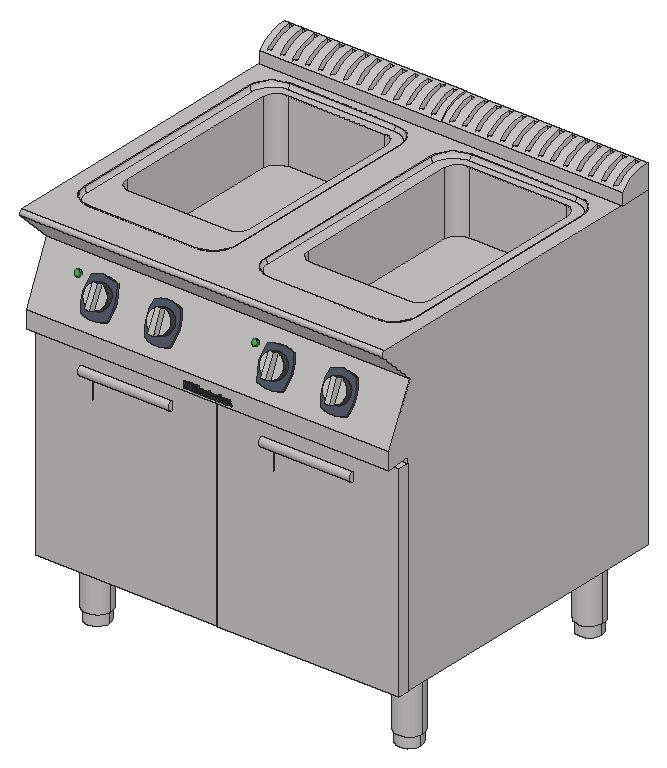
Revit family "QF_ELECTROLUXPROFESSIONAL_371091_E7PCGH2KF0", category Specialty Equipment, Revit 2018
Family settings
  Round Connector Dimension = Use Diameter
  Part Type = Normal
  Work Plane-Based = No
  Always vertical = Yes
  Cut with Voids When Loaded = No
  Shared = No
  Room Calculation Point = No
Parameters
  Width = 800 mm  # constant formula
  Weight in Pounds = 110  # constant formula
  Watts = 0 W
  Waste Water Discharge Temperature [instance] = -459.67 °F
  URL Cutsheet = "www.electrolux.com/foodservice"
  URL = "www.electrolux.com/foodservice"
  Type Mark [instance] = ""
  Status [instance] = ""
  Specification by User [instance] = ""
  Specification by Manufacturer = ""
  Show Logo [instance] = yes
  Show Clearance [instance] = yes
  Serial Number = ""
  Seismic Rating = ""
  SMACNA No = ""
  Revision Code [instance] = ""
  Plumbing Remarks [instance] = ""
  Plumbing Connection Type [instance] = ""
  Omniclass Number and Title = ""
  NAFEM Spec ID Number = ""
  Model = "371091"
  Mechanical Remarks [instance] = ""
  Mechanical Connection Type [instance] = ""
  Masterspec = ""
  Manufacturer = "ELECTROLUX"
  Item Number [instance] = ""
  Installed By [instance] = ""
  Indirect Waste Size = 25.4 mm  # 1"
  Indirect Waste Flow [instance] = 0 GPM
  Indirect Waste Connection Type [instance] = ""
  Indirect Waste Connection Height = 0 mm
  Identify Quantity as Lot [instance] = yes
  Height = 333 mm  # constant formula
  HP = "0 HP"
  Gas Size = 12.7 mm  # 1/2"
  Gas RI Height [instance] = 0 mm
  Gas KW [instance] = 21  # constant formula
  Gas Input [instance] = 20980.7 VA  # 71589.0 Btu/h
  Gas Connection Height = 0 mm
  Furnished By [instance] = ""
  Foodservice Equipment Identifier [instance] = yes
  Direct Waste Size = 1"
  Description = "700XP Freestanding Gas Pasta Cooker, 24.5 Lt. Well, 2 Wells"
  Depth = 730 mm  # constant formula
  Cold Water Temperature Recommended [instance] = -459.67 °F
  Cold Water Size = 12.7 mm  # 1/2"
  Cold Water RI Height [instance] = 0 mm
  Cold Water Minimum Pressure [instance] = 0.00 psi
  Cold Water Maximum Pressure [instance] = 0.00 psi
  Cold Water Flow [instance] = 0 GPM
  Cold Water Consumption [instance] = ""
  Cold Water Connection Height = 0 mm
  CSI MasterFormat = ""
  CSI Master Format = ""
  Base Height [instance] = 150 mm  # constant formula
Reference planes
  plane 1 "BACK": y = 0
  plane 2: z = 0
  plane 3 "LEFT": x = 0
  plane 4 "RIGHT": x = 800
  plane 5 "FRONT": y = -730
  plane 6 "TOP": z = 905.238
  plane 7 "Center Y": x = 400
  plane 8 "Center X": y = -365
  plane 9 "BASE": z = 601
  plane 10 "TOP A": z = 850.238
  plane 11: y = -597.884
  plane 12: y = -147.637
  plane 13: z = 942.313
  plane 14: z = 150
Forms (mm)
  Extrusion 1, solid, material "QF_Finishes_Stainless Steel"
    sketch origin (0, 0, 0) x (0, 1, 0) y (0, 0, 1)
      loop
        line (0, 850.237) -> (-725.027, 850.237)
        arc (-725.027, 850.237) -> (-730.893, 846.318) -> (-729.517, 839.397) r 6.35
        line (-729.517, 839.397) -> (-657.416, 767.047) -> (-713.522, 646.19) -> (-713.522, 608.09) -> (-660.4, 613.7) -> (-660.4, 150) -> (0, 150) -> (0, 850.237)
      loop
        line (-661.987, 601) -> (-687.387, 601) -> (-687.387, 150) -> (-661.987, 150) -> (-661.987, 601)
    from 0 to 800
  Extrusion 2, solid, material "QF_Finishes_Stainless Steel"
    sketch origin (0, 0, 0) x (0, 1, 0) y (0, 0, 1)
      loop
        line (0, 850.237) -> (0, 905.237)
        arc (0, 905.237) -> (-38.078, 897.879) -> (-69.85, 875.637) r 93.057
        line (-69.85, 875.637) -> (-69.85, 850.237) -> (0, 850.237)
    from 0 to 800
  Extrusion 3, void
    sketch origin (0, 0, 850.238) x (-1, 0, 0) y (0, -1, 0)
      loop
        arc (-316.662, 645.265) -> (-352.018, 630.62) -> (-366.662, 595.265) r 50
        line (-366.662, 595.265) -> (-366.662, 140.124)
        arc (-366.662, 140.124) -> (-352.018, 104.769) -> (-316.662, 90.124) r 50
        line (-316.662, 90.124) -> (-83.338, 90.124)
        arc (-83.338, 90.124) -> (-47.982, 104.769) -> (-33.338, 140.124) r 50
        line (-33.338, 140.124) -> (-33.338, 595.265)
        arc (-33.338, 595.265) -> (-47.982, 630.62) -> (-83.338, 645.265) r 50
        line (-83.338, 645.265) -> (-316.662, 645.265)
      loop
        line (-483.337, 645.265) -> (-716.662, 645.265)
        arc (-716.662, 645.265) -> (-752.018, 630.62) -> (-766.662, 595.265) r 50
        line (-766.662, 595.265) -> (-766.662, 140.124)
        arc (-766.662, 140.124) -> (-752.018, 104.769) -> (-716.662, 90.124) r 50
        line (-716.662, 90.124) -> (-483.337, 90.124)
        arc (-483.337, 90.124) -> (-447.982, 104.769) -> (-433.337, 140.124) r 50
        line (-433.337, 140.124) -> (-433.337, 595.265)
        arc (-433.337, 595.265) -> (-447.982, 630.62) -> (-483.337, 645.265) r 50
    from 0 to -152.4
  Extrusion 4, void
    sketch origin (0, 0, 850.238) x (-1, 0, 0) y (0, -1, 0)
      loop
        line (-13.453, 6.761) -> (-13.453, 63.911) -> (-22.749, 63.911) -> (-22.749, 6.761) -> (-13.453, 6.761)
    from 25.4 to 63.5
  Extrusion 5, solid, material "QF_Finishes_Navy Blue"
    sketch origin (75, -713.522, 646.19) x (0, 0.421077, 0.907025) y (-1, 0, 0)
      loop
        arc (101.077, -565.788) -> (66.2, -558.771) -> (31.333, -565.832) r 89.894
        arc (31.333, -565.832) -> (24.638, -594.363) -> (31.333, -622.893) r 64.14
        arc (31.333, -622.893) -> (66.2, -629.955) -> (101.077, -622.938) r 89.894
        arc (101.077, -622.938) -> (107.792, -594.363) -> (101.077, -565.788) r 64.16
      loop
        arc (101.077, -176.921) -> (66.2, -169.907) -> (31.333, -176.965) r 89.935
        arc (31.333, -176.965) -> (24.618, -205.54) -> (31.333, -234.115) r 64.16
        arc (31.333, -234.115) -> (66.2, -241.17) -> (101.077, -234.16) r 89.976
        arc (101.077, -234.16) -> (107.812, -205.54) -> (101.077, -176.921) r 64.179
      loop
        arc (101.077, -425.788) -> (66.2, -418.771) -> (31.333, -425.832) r 89.894
        arc (31.333, -425.832) -> (24.638, -454.363) -> (31.333, -482.893) r 64.14
        arc (31.333, -482.893) -> (66.2, -489.955) -> (101.077, -482.938) r 89.894
        arc (101.077, -482.938) -> (107.792, -454.363) -> (101.077, -425.788) r 64.16
      loop
        arc (101.077, -36.921) -> (66.2, -29.904) -> (31.333, -36.965) r 89.894
        arc (31.333, -36.965) -> (24.638, -65.496) -> (31.333, -94.027) r 64.14
        arc (31.333, -94.027) -> (66.2, -101.092) -> (101.077, -94.071) r 89.853
        arc (101.077, -94.071) -> (107.792, -65.496) -> (101.077, -36.921) r 64.16
    from 0 to 3.175
  Extrusion 6, solid, material "QF_Finishes_Stainless Steel"
    sketch origin (75, -716.402, 647.527) x (0, 0.421077, 0.907025) y (-1, 0, 0)
      loop
        circle (68.826, -594.351) r 25.4
      loop
        circle (68.826, -205.413) r 25.4
      loop
        circle (68.826, -454.351) r 25.4
      loop
        circle (68.826, -65.528) r 25.4
    from 0 to 12.7
  Extrusion 7, solid, material "QF_Finishes_Stainless Steel"
    sketch origin (75, -727.921, 652.875) x (0, 0.421077, 0.907025) y (-1, 0, 0)
      loop
        arc (93.558, -600.137) -> (94.226, -594.351) -> (93.558, -588.564) r 25.4
        line (93.558, -588.564) -> (44.094, -588.564)
        arc (44.094, -588.564) -> (43.426, -594.351) -> (44.094, -600.137) r 25.4
        line (44.094, -600.137) -> (93.558, -600.137)
      loop
        arc (93.558, -211.199) -> (94.226, -205.413) -> (93.558, -199.627) r 25.4
        line (93.558, -199.627) -> (44.094, -199.627)
        arc (44.094, -199.627) -> (43.426, -205.413) -> (44.094, -211.199) r 25.4
        line (44.094, -211.199) -> (93.558, -211.199)
      loop
        arc (93.558, -460.137) -> (94.226, -454.351) -> (93.558, -448.564) r 25.4
        line (93.558, -448.564) -> (44.094, -448.564)
        arc (44.094, -448.564) -> (43.426, -454.351) -> (44.094, -460.137) r 25.4
        line (44.094, -460.137) -> (93.558, -460.137)
      loop
        arc (93.558, -71.314) -> (94.226, -65.528) -> (93.558, -59.742) r 25.4
        line (93.558, -59.742) -> (44.094, -59.742)
        arc (44.094, -59.742) -> (43.426, -65.528) -> (44.094, -71.314) r 25.4
        line (44.094, -71.314) -> (93.558, -71.314)
    from 0 to 12.7
  Extrusion 8, solid, material "QF_Finishes_Green"
    sketch origin (-55, -713.522, 646.19) x (0, 0.421077, 0.907025) y (-1, 0, 0)
      loop
        circle (93.566, -530.485) r 6.35
      loop
        circle (93.566, -138.473) r 6.35
    from 0 to 3.175
  Extrusion 9, solid, material "QF_Finishes_Clearance", visible <- "Show Clearance", detail levels coarse
    sketch origin (0, 0, 0) x (1, 0, 0) y (0, 1, 0)
      loop
        line (0, -731.377) -> (0, 0) -> (800, 0) -> (800, -731.377) -> (950.019, -731.377) -> (950.019, 150.019) -> (-150.019, 150.019) -> (-150.019, -731.377) -> (0, -731.377)
    from 0 to 905.237
  Extrusion 10, void
    sketch origin (361.95, 0, 850.237) x (-1, 0, 0) y (0, -1, 0)
      loop
        line (-13.403, 6.761) -> (-13.403, 63.911) -> (-22.699, 63.911) -> (-22.699, 6.761) -> (-13.403, 6.761)
    from 25.4 to 63.5
  Extrusion 11, void
    sketch origin (27.842, 0, 850.238) x (-1, 0, 0) y (0, -1, 0)
      loop
        line (-13.453, 6.761) -> (-13.453, 63.911) -> (-22.749, 63.911) -> (-22.749, 6.761) -> (-13.453, 6.761)
    from 25.4 to 63.5
  Extrusion 12, void
    sketch origin (55.685, 0, 850.238) x (-1, 0, 0) y (0, -1, 0)
      loop
        line (-13.453, 6.761) -> (-13.453, 63.911) -> (-22.749, 63.911) -> (-22.749, 6.761) -> (-13.453, 6.761)
    from 25.4 to 63.5
  Extrusion 13, void
    sketch origin (83.527, 0, 850.238) x (-1, 0, 0) y (0, -1, 0)
      loop
        line (-13.453, 6.761) -> (-13.453, 63.911) -> (-22.749, 63.911) -> (-22.749, 6.761) -> (-13.453, 6.761)
    from 25.4 to 63.5
  Extrusion 14, void
    sketch origin (111.369, 0, 850.237) x (-1, 0, 0) y (0, -1, 0)
      loop
        line (-13.453, 6.761) -> (-13.453, 63.911) -> (-22.749, 63.911) -> (-22.749, 6.761) -> (-13.453, 6.761)
    from 25.4 to 63.5
  Extrusion 15, void
    sketch origin (139.212, 0, 850.237) x (-1, 0, 0) y (0, -1, 0)
      loop
        line (-13.453, 6.761) -> (-13.453, 63.911) -> (-22.749, 63.911) -> (-22.749, 6.761) -> (-13.453, 6.761)
    from 25.4 to 63.5
  Extrusion 16, void
    sketch origin (167.054, 0, 850.237) x (-1, 0, 0) y (0, -1, 0)
      loop
        line (-13.453, 6.761) -> (-13.453, 63.911) -> (-22.749, 63.911) -> (-22.749, 6.761) -> (-13.453, 6.761)
    from 25.4 to 63.5
  Extrusion 17, void
    sketch origin (194.896, 0, 850.237) x (-1, 0, 0) y (0, -1, 0)
      loop
        line (-13.403, 6.761) -> (-13.403, 63.911) -> (-22.699, 63.911) -> (-22.699, 6.761) -> (-13.403, 6.761)
    from 25.4 to 63.5
  Extrusion 18, void
    sketch origin (222.738, 0, 850.237) x (-1, 0, 0) y (0, -1, 0)
      loop
        line (-13.403, 6.761) -> (-13.403, 63.911) -> (-22.699, 63.911) -> (-22.699, 6.761) -> (-13.403, 6.761)
    from 25.4 to 63.5
  Extrusion 19, void
    sketch origin (250.581, 0, 850.237) x (-1, 0, 0) y (0, -1, 0)
      loop
        line (-13.403, 6.761) -> (-13.403, 63.911) -> (-22.699, 63.911) -> (-22.699, 6.761) -> (-13.403, 6.761)
    from 25.4 to 63.5
  Extrusion 20, void
    sketch origin (278.423, 0, 850.237) x (-1, 0, 0) y (0, -1, 0)
      loop
        line (-13.403, 6.761) -> (-13.403, 63.911) -> (-22.699, 63.911) -> (-22.699, 6.761) -> (-13.403, 6.761)
    from 25.4 to 63.5
  Extrusion 21, void
    sketch origin (306.265, 0, 850.237) x (-1, 0, 0) y (0, -1, 0)
      loop
        line (-13.403, 6.761) -> (-13.403, 63.911) -> (-22.699, 63.911) -> (-22.699, 6.761) -> (-13.403, 6.761)
    from 25.4 to 63.5
  Extrusion 22, void
    sketch origin (334.108, 0, 850.237) x (-1, 0, 0) y (0, -1, 0)
      loop
        line (-13.403, 6.761) -> (-13.403, 63.911) -> (-22.699, 63.911) -> (-22.699, 6.761) -> (-13.403, 6.761)
    from 25.4 to 63.5
  Extrusion 23, void
    sketch origin (800.1, 0, 850.237) x (1, 0, 0) y (0, 1, 0)
      loop
        line (-13.553, -6.761) -> (-22.849, -6.761) -> (-22.849, -63.911) -> (-13.553, -63.911) -> (-13.553, -6.761)
    from 25.4 to 63.5
  Extrusion 24, void
    sketch origin (438.15, 0, 850.237) x (1, 0, 0) y (0, 1, 0)
      loop
        line (-13.503, -6.761) -> (-22.799, -6.761) -> (-22.799, -63.911) -> (-13.503, -63.911) -> (-13.503, -6.761)
    from 25.4 to 63.5
  Extrusion 25, void
    sketch origin (772.258, 0, 850.237) x (1, 0, 0) y (0, 1, 0)
      loop
        line (-13.553, -6.761) -> (-22.849, -6.761) -> (-22.849, -63.911) -> (-13.553, -63.911) -> (-13.553, -6.761)
    from 25.4 to 63.5
  Extrusion 26, void
    sketch origin (744.415, 0, 850.237) x (1, 0, 0) y (0, 1, 0)
      loop
        line (-13.553, -6.761) -> (-22.849, -6.761) -> (-22.849, -63.911) -> (-13.553, -63.911) -> (-13.553, -6.761)
    from 25.4 to 63.5
  Extrusion 27, void
    sketch origin (716.573, 0, 850.237) x (1, 0, 0) y (0, 1, 0)
      loop
        line (-13.553, -6.761) -> (-22.849, -6.761) -> (-22.849, -63.911) -> (-13.553, -63.911) -> (-13.553, -6.761)
    from 25.4 to 63.5
  Extrusion 28, void
    sketch origin (688.731, 0, 850.237) x (1, 0, 0) y (0, 1, 0)
      loop
        line (-13.553, -6.761) -> (-22.849, -6.761) -> (-22.849, -63.911) -> (-13.553, -63.911) -> (-13.553, -6.761)
    from 25.4 to 63.5
  Extrusion 29, void
    sketch origin (660.888, 0, 850.237) x (1, 0, 0) y (0, 1, 0)
      loop
        line (-13.553, -6.761) -> (-22.849, -6.761) -> (-22.849, -63.911) -> (-13.553, -63.911) -> (-13.553, -6.761)
    from 25.4 to 63.5
  Extrusion 30, void
    sketch origin (633.046, 0, 850.237) x (1, 0, 0) y (0, 1, 0)
      loop
        line (-13.553, -6.761) -> (-22.849, -6.761) -> (-22.849, -63.911) -> (-13.553, -63.911) -> (-13.553, -6.761)
    from 25.4 to 63.5
  Extrusion 31, void
    sketch origin (605.204, 0, 850.237) x (1, 0, 0) y (0, 1, 0)
      loop
        line (-13.503, -6.761) -> (-22.799, -6.761) -> (-22.799, -63.911) -> (-13.503, -63.911) -> (-13.503, -6.761)
    from 25.4 to 63.5
  Extrusion 32, void
    sketch origin (577.362, 0, 850.237) x (1, 0, 0) y (0, 1, 0)
      loop
        line (-13.503, -6.761) -> (-22.799, -6.761) -> (-22.799, -63.911) -> (-13.503, -63.911) -> (-13.503, -6.761)
    from 25.4 to 63.5
  Extrusion 33, void
    sketch origin (549.519, 0, 850.237) x (1, 0, 0) y (0, 1, 0)
      loop
        line (-13.503, -6.761) -> (-22.799, -6.761) -> (-22.799, -63.911) -> (-13.503, -63.911) -> (-13.503, -6.761)
    from 25.4 to 63.5
  Extrusion 34, void
    sketch origin (521.677, 0, 850.237) x (1, 0, 0) y (0, 1, 0)
      loop
        line (-13.503, -6.761) -> (-22.799, -6.761) -> (-22.799, -63.911) -> (-13.503, -63.911) -> (-13.503, -6.761)
    from 25.4 to 63.5
  Extrusion 35, void
    sketch origin (493.835, 0, 850.237) x (1, 0, 0) y (0, 1, 0)
      loop
        line (-13.503, -6.761) -> (-22.799, -6.761) -> (-22.799, -63.911) -> (-13.503, -63.911) -> (-13.503, -6.761)
    from 25.4 to 63.5
  Extrusion 36, void
    sketch origin (465.992, 0, 850.237) x (1, 0, 0) y (0, 1, 0)
      loop
        line (-13.503, -6.761) -> (-22.799, -6.761) -> (-22.799, -63.911) -> (-13.503, -63.911) -> (-13.503, -6.761)
    from 25.4 to 63.5
  Extrusion 37, void
    sketch origin (418.151, 0, 850.237) x (1, 0, 0) y (0, 1, 0)
      loop
        line (-16.563, 0) -> (-19.738, 0) -> (-19.738, -69.85) -> (-16.563, -69.85) -> (-16.563, 0)
    from 25.4 to 63.5
  Extrusion 38, void
    sketch origin (0, -660.4, 601) x (0, 0, 1) y (-1, 0, 0)
      loop
        line (0, -398.363) -> (-451, -398.363) -> (-451, -401.538) -> (0, -401.538) -> (0, -398.363)
    from 0 to 27
  Extrusion 39, void
    sketch origin (200.025, 0, 0) x (0, 1, 0) y (0, 0, 1)
      loop
        line (-687.137, 541) -> (-687.137, 499.788) -> (-672.137, 541) -> (-687.137, 541)
    from -75 to 75
  Extrusion 40, solid, material "QF_Finishes_Stainless Steel"
    sketch origin (200.025, 0, 0) x (0, 1, 0) y (0, 0, 1)
      loop
        line (-687.137, 541) -> (-687.137, 561)
        arc (-687.137, 561) -> (-697.137, 551) -> (-687.137, 541) r 10
    from -100 to 100
  Extrusion 41, void
    sketch origin (600.075, 0, 0) x (0, 1, 0) y (0, 0, -1)
      loop
        line (-687.137, -541) -> (-672.137, -541) -> (-687.137, -499.788) -> (-687.137, -541)
    from -75 to 75
  Extrusion 42, solid, material "QF_Finishes_Stainless Steel"
    sketch origin (600.075, 0, 0) x (0, 1, 0) y (0, 0, -1)
      loop
        arc (-687.137, -541) -> (-697.137, -551) -> (-687.137, -561) r 10
        line (-687.137, -561) -> (-687.137, -541)
    from -100 to 100
  Revolve 43, solid, material "QF_Finishes_Stainless Steel"
    sketch origin (0, -587.387, 608.09) x (0, 0, 1) y (-1, 0, 0)
      loop
        line (-608.09, -56) -> (-458.09, -56) -> (-458.09, -26) -> (-583.09, -26) -> (-583.09, -29.75) -> (-608.09, -29.75) -> (-608.09, -56)
      axis (-608.09, -56) -> (-458.09, -56)
    angle from 0 to 360
  Revolve 44, solid, material "QF_Finishes_Stainless Steel"
    sketch origin (0, -90, 608.09) x (0, 0, 1) y (-1, 0, 0)
      loop
        line (-608.09, -56) -> (-458.09, -56) -> (-458.09, -26) -> (-583.09, -26) -> (-583.09, -29.75) -> (-608.09, -29.75) -> (-608.09, -56)
      axis (-608.09, -56) -> (-458.09, -56)
    angle from 0 to 360
  Revolve 45, solid, material "QF_Finishes_Stainless Steel"
    sketch origin (800.1, -587.387, 608.09) x (0, 0, 1) y (-1, 0, 0)
      loop
        line (-608.09, 56.1) -> (-608.09, 29.85) -> (-583.09, 29.85) -> (-583.09, 26.1) -> (-458.09, 26.1) -> (-458.09, 56.1) -> (-608.09, 56.1)
      axis (-608.09, 56.1) -> (-458.09, 56.1)
    angle from 0 to 360
  Revolve 46, solid, material "QF_Finishes_Stainless Steel"
    sketch origin (800.1, -90, 608.09) x (0, 0, 1) y (-1, 0, 0)
      loop
        line (-608.09, 56.1) -> (-608.09, 29.85) -> (-583.09, 29.85) -> (-583.09, 26.1) -> (-458.09, 26.1) -> (-458.09, 56.1) -> (-608.09, 56.1)
      axis (-608.09, 56.1) -> (-458.09, 56.1)
    angle from 0 to 360
  Extrusion 47, solid, material "QF_Finishes_Door Clearance", visible <- "Show Clearance", detail levels coarse
    sketch origin (0, 0, 850.238) x (-1, 0, 0) y (0, -1, 0)
      loop
        arc (-401.587, 687.137) -> (-518.28, 968.858) -> (-800, 1085.55) r 398.413
        line (-800, 1085.55) -> (-800, 687.137) -> (-401.587, 687.137)
      loop
        line (-398.412, 687.138) -> (0, 687.137) -> (0, 1085.55)
        arc (0, 1085.55) -> (-281.72, 968.858) -> (-398.412, 687.138) r 398.412
    from -700.237 to -249.237
  Extrusion 48, solid, material "QF_Finishes_Stainless Steel"
    sketch origin (-77.88, -4572, 150) x (-1, 0, 0) y (0, -1, 0)
      loop
        circle (-142.88, -4069) r 6.35
      loop
        circle (-709.88, -3991) r 12.7
      loop
        circle (-812.88, -4071) r 6.35
      loop
        circle (-309.88, -3991) r 12.7
    from 0 to -12.7
  Extrusion 49, solid, material "QF_Finishes_Stainless Steel"
    sketch origin (-77.88, -4572, 850.238) x (-1, 0, 0) y (0, -1, 0)
      loop
        line (-111.217, -4431.876) -> (-111.217, -3976.735)
        arc (-111.217, -3976.735) -> (-125.862, -3941.38) -> (-161.217, -3926.735) r 50
        line (-161.217, -3926.735) -> (-394.542, -3926.735)
        arc (-394.542, -3926.735) -> (-429.897, -3941.38) -> (-444.542, -3976.735) r 50
        line (-444.542, -3976.735) -> (-444.542, -4431.876)
        arc (-444.542, -4431.876) -> (-429.897, -4467.231) -> (-394.542, -4481.876) r 50
        line (-394.542, -4481.876) -> (-161.217, -4481.876)
        arc (-161.217, -4481.876) -> (-125.862, -4467.231) -> (-111.217, -4431.876) r 50
      loop
        arc (-414.542, -4431.876) -> (-405.755, -4453.089) -> (-384.542, -4461.876) r 30
        line (-384.542, -4461.876) -> (-171.217, -4461.876)
        arc (-171.217, -4461.876) -> (-150.004, -4453.089) -> (-141.217, -4431.876) r 30
        line (-141.217, -4431.876) -> (-141.217, -4056.735)
        arc (-141.217, -4056.735) -> (-150.004, -4035.522) -> (-171.217, -4026.735) r 30
        line (-171.217, -4026.735) -> (-384.542, -4026.735)
        arc (-384.542, -4026.735) -> (-405.755, -4035.522) -> (-414.542, -4056.735) r 30
        line (-414.542, -4056.735) -> (-414.542, -4431.876)
      loop
        arc (-844.542, -4431.876) -> (-829.897, -4467.231) -> (-794.542, -4481.876) r 50
        line (-794.542, -4481.876) -> (-561.217, -4481.876)
        arc (-561.217, -4481.876) -> (-525.862, -4467.231) -> (-511.217, -4431.876) r 50
        line (-511.217, -4431.876) -> (-511.217, -3976.735)
        arc (-511.217, -3976.735) -> (-525.862, -3941.38) -> (-561.217, -3926.735) r 50
        line (-561.217, -3926.735) -> (-794.542, -3926.735)
        arc (-794.542, -3926.735) -> (-829.897, -3941.38) -> (-844.542, -3976.735) r 50
        line (-844.542, -3976.735) -> (-844.542, -4431.876)
      loop
        line (-541.217, -4431.876) -> (-541.217, -4056.735)
        arc (-541.217, -4056.735) -> (-550.004, -4035.522) -> (-571.217, -4026.735) r 30
        line (-571.217, -4026.735) -> (-784.542, -4026.735)
        arc (-784.542, -4026.735) -> (-805.755, -4035.522) -> (-814.542, -4056.735) r 30
        line (-814.542, -4056.735) -> (-814.542, -4431.876)
        arc (-814.542, -4431.876) -> (-805.755, -4453.089) -> (-784.542, -4461.876) r 30
        line (-784.542, -4461.876) -> (-571.217, -4461.876)
        arc (-571.217, -4461.876) -> (-550.004, -4453.089) -> (-541.217, -4431.876) r 30
    from -12.7 to -152.4
  Sweep 50, solid, material "QF_Finishes_Stainless Steel"
    path origin (-77.88, -4572, 850.238) x (-1, 0, 0) y (0, -1, 0)
      loop
        line (-111.217, -4431.876) -> (-111.217, -3976.735)
        arc (-111.217, -3976.735) -> (-125.862, -3941.38) -> (-161.217, -3926.735) r 50
        line (-161.217, -3926.735) -> (-394.542, -3926.735)
        arc (-394.542, -3926.735) -> (-429.897, -3941.38) -> (-444.542, -3976.735) r 50
        line (-444.542, -3976.735) -> (-444.542, -4431.876)
        arc (-444.542, -4431.876) -> (-429.897, -4467.231) -> (-394.542, -4481.876) r 50
        line (-394.542, -4481.876) -> (-161.217, -4481.876)
        arc (-161.217, -4481.876) -> (-125.862, -4467.231) -> (-111.217, -4431.876) r 50
    profile origin (33.338, -367.694, 850.238) x (1, 0, 0) y (0, 0, 1)
      loop
        line (0, 0) -> (0, -10.84) -> (5.055, -10.84)
        arc (5.055, -10.84) -> (1.326, -5.98) -> (0, 0) r 14.151
  Sweep 51, solid, material "QF_Finishes_Stainless Steel"
    path origin (877.98, -4572, 850.237) x (1, 0, 0) y (0, 1, 0)
      loop
        arc (-111.317, 4431.876) -> (-125.962, 4467.231) -> (-161.317, 4481.876) r 50
        line (-161.317, 4481.876) -> (-394.642, 4481.876)
        arc (-394.642, 4481.876) -> (-429.997, 4467.231) -> (-444.642, 4431.876) r 50
        line (-444.642, 4431.876) -> (-444.642, 3976.735)
        arc (-444.642, 3976.735) -> (-429.997, 3941.38) -> (-394.642, 3926.735) r 50
        line (-394.642, 3926.735) -> (-161.317, 3926.735)
        arc (-161.317, 3926.735) -> (-125.962, 3941.38) -> (-111.317, 3976.735) r 50
        line (-111.317, 3976.735) -> (-111.317, 4431.876)
    profile origin (766.662, -367.694, 850.237) x (1, 0, 0) y (0, 0, 1)
      loop
        arc (0, 0) -> (-1.326, -5.98) -> (-5.055, -10.84) r 14.151
        line (-5.055, -10.84) -> (0, -10.84) -> (0, 0)
  Extrusion 52, solid, material "QF_Finishes_Navy Blue", visible <- "Show Logo"
    sketch origin (60.791, -713.772, 608.09) x (0, 0, 1) y (-1, 0, 0)
      loop
        line (20.674, -296.698) -> (8.307, -296.698)
        arc (8.307, -296.698) -> (14.491, -301.27) -> (20.674, -296.698) r 6.467
      loop
        arc (20.674, -296.069) -> (19.505, -290.926) -> (14.849, -288.448) r 6.338
        line (14.849, -288.448) -> (14.849, -290.494)
        arc (14.849, -290.494) -> (16.333, -294.149) -> (19.778, -296.069) r 5.941
        line (19.778, -296.069) -> (20.674, -296.069)
      loop
        arc (9.203, -296.069) -> (12.648, -294.149) -> (14.132, -290.494) r 5.941
        line (14.132, -290.494) -> (14.132, -288.448)
        arc (14.132, -288.448) -> (9.438, -290.922) -> (8.148, -296.069) r 6.504
        line (8.148, -296.069) -> (9.203, -296.069)
      loop
        line (21.349, -287.979) -> (7.604, -287.979) -> (7.604, -301.742) -> (21.349, -301.742) -> (21.349, -287.979)
      loop
        arc (21.432, -304.71) -> (21.085, -304.352) -> (20.718, -304.69) r 0.358
        arc (20.718, -304.69) -> (20.404, -305.44) -> (19.687, -305.825) r 1.216
        line (19.687, -305.825) -> (9.274, -305.825)
        arc (9.274, -305.825) -> (8.614, -305.548) -> (8.218, -304.951) r 1.238
        arc (8.218, -304.951) -> (7.823, -304.7) -> (7.518, -305.054) r 0.358
        line (7.518, -305.054) -> (7.518, -314.933) -> (10.269, -314.933) -> (10.269, -314.036)
        arc (10.269, -314.036) -> (9.36, -313.456) -> (8.904, -312.479) r 1.928
        line (8.904, -312.479) -> (8.904, -309.98)
        arc (8.904, -309.98) -> (9.18, -309.251) -> (9.868, -308.887) r 1.101
        line (9.868, -308.887) -> (13.955, -308.887) -> (13.955, -312.561)
        arc (13.955, -312.561) -> (13.602, -313.058) -> (13.037, -313.286) r 1.083
        arc (13.037, -313.286) -> (12.773, -313.591) -> (13.065, -313.869) r 0.292
        line (13.065, -313.869) -> (16.028, -313.869)
        arc (16.028, -313.869) -> (16.33, -313.596) -> (16.092, -313.266) r 0.305
        arc (16.092, -313.266) -> (15.601, -313.018) -> (15.296, -312.561) r 1.083
        line (15.296, -312.561) -> (15.296, -308.887) -> (19.973, -308.887) -> (19.973, -312.635)
        arc (19.973, -312.635) -> (19.759, -313.39) -> (19.153, -313.888) r 1.314
        arc (19.153, -313.888) -> (18.934, -314.292) -> (19.288, -314.585) r 0.361
        line (19.288, -314.585) -> (21.432, -314.585) -> (21.432, -304.71)
      loop
        arc (20.715, -315.365) -> (20.335, -316.284) -> (19.416, -316.664) r 1.299
        line (19.416, -316.664) -> (9.837, -316.664)
        arc (9.837, -316.664) -> (8.999, -316.286) -> (8.728, -315.408) r 1.118
        line (8.728, -315.408) -> (7.518, -315.408) -> (7.518, -320.758) -> (8.706, -320.758)
        arc (8.706, -320.758) -> (8.978, -319.841) -> (9.848, -319.445) r 1.153
        line (9.848, -319.445) -> (21.92, -319.445) -> (20.715, -315.365)
      loop
        line (12.483, -323.394) -> (12.483, -329.842) -> (13.282, -329.842)
        arc (13.282, -329.842) -> (15.862, -328.857) -> (17.131, -326.404) r 3.874
        line (17.131, -326.404) -> (17.131, -324.643)
        arc (17.131, -324.643) -> (15.944, -321.778) -> (13.08, -320.592) r 4.051
        line (13.08, -320.592) -> (11.072, -320.592)
        arc (11.072, -320.592) -> (8.253, -322.077) -> (7.202, -325.084) r 4.352
        arc (7.202, -325.084) -> (7.566, -327.547) -> (8.943, -329.621) r 5.713
        line (8.943, -329.621) -> (9.892, -329.621)
        arc (9.892, -329.621) -> (9.16, -328.052) -> (8.943, -326.334) r 5.579
        arc (8.943, -326.334) -> (9.737, -324.371) -> (11.616, -323.394) r 3.057
        line (11.616, -323.394) -> (12.483, -323.394)
      loop
        line (13.742, -323.394) -> (13.742, -326.977)
        arc (13.742, -326.977) -> (15.199, -327.024) -> (16.082, -325.864) r 1.59
        line (16.082, -325.864) -> (16.082, -325.034)
        arc (16.082, -325.034) -> (15.217, -323.779) -> (13.742, -323.394) r 2.184
      loop
        arc (16.533, -339.259) -> (17.022, -337.585) -> (17.179, -335.848) r 9.023
        line (17.179, -335.848) -> (17.179, -334.486)
        arc (17.179, -334.486) -> (16.02, -331.686) -> (13.22, -330.527) r 3.959
        line (13.22, -330.527) -> (10.62, -330.527)
        arc (10.62, -330.527) -> (8.338, -331.819) -> (7.221, -334.192) r 4.331
        line (7.221, -334.192) -> (7.221, -336.327)
        arc (7.221, -336.327) -> (7.729, -337.877) -> (8.651, -339.223) r 5.772
        arc (8.651, -339.223) -> (9.412, -339.274) -> (9.499, -338.515) r 0.553
        arc (9.499, -338.515) -> (9.111, -337.781) -> (8.977, -336.962) r 2.573
        line (8.977, -336.962) -> (8.977, -335.447)
        arc (8.977, -335.447) -> (9.983, -333.806) -> (11.798, -333.163) r 2.884
        line (11.798, -333.163) -> (13.077, -333.163)
        arc (13.077, -333.163) -> (14.898, -333.723) -> (15.824, -335.388) r 2.554
        line (15.824, -335.388) -> (15.824, -336.441)
        arc (15.824, -336.441) -> (15.493, -337.369) -> (14.836, -338.104) r 2.564
        arc (14.836, -338.104) -> (14.614, -338.821) -> (15.223, -339.259) r 0.643
        line (15.223, -339.259) -> (16.533, -339.259)
      loop
        line (15.515, -339.53) -> (15.515, -341.031) -> (9.467, -341.031)
        arc (9.467, -341.031) -> (7.879, -341.688) -> (7.221, -343.276) r 2.246
        line (7.221, -343.276) -> (7.221, -344.86)
        arc (7.221, -344.86) -> (7.535, -345.725) -> (8.035, -346.496) r 4.06
        arc (8.035, -346.496) -> (8.768, -346.629) -> (9.019, -345.928) r 0.576
        arc (9.019, -345.928) -> (8.913, -345.403) -> (8.977, -344.87) r 1.69
        arc (8.977, -344.87) -> (9.519, -344.082) -> (10.425, -343.779) r 1.506
        line (10.425, -343.779) -> (15.563, -343.779) -> (15.563, -346.176) -> (16.119, -346.733) -> (16.941, -346.733) -> (16.941, -343.873) -> (20.172, -343.873) -> (15.515, -339.53)
      loop
        line (7.438, -347.63) -> (7.438, -353.017) -> (8.548, -353.017)
        arc (8.548, -353.017) -> (8.942, -352.066) -> (9.893, -351.672) r 1.345
        line (9.893, -351.672) -> (13.509, -351.672)
        arc (13.509, -351.672) -> (14.274, -352.264) -> (14.564, -353.186) r 1.615
        line (14.564, -353.186) -> (14.564, -354.742) -> (17.119, -355.427) -> (17.119, -354.044) -> (15.177, -351.485) -> (17.057, -351.485) -> (16.773, -348.779)
        arc (16.773, -348.779) -> (16.333, -348.249) -> (15.674, -348.45) r 0.621
        arc (15.674, -348.45) -> (15.274, -348.792) -> (14.78, -348.975) r 1.501
        line (14.78, -348.975) -> (9.893, -348.975)
        arc (9.893, -348.975) -> (8.942, -348.581) -> (8.548, -347.63) r 1.345
        line (8.548, -347.63) -> (7.438, -347.63)
      loop
        line (13.54, -354.964) -> (10.848, -354.964)
        arc (10.848, -354.964) -> (8.403, -356.272) -> (7.269, -358.803) r 4.288
        arc (7.269, -358.803) -> (7.205, -360.183) -> (7.269, -361.563) r 15.022
        arc (7.269, -361.563) -> (8.403, -364.094) -> (10.848, -365.401) r 4.288
        line (10.848, -365.401) -> (13.54, -365.401)
        arc (13.54, -365.401) -> (15.986, -364.094) -> (17.119, -361.563) r 4.288
        arc (17.119, -361.563) -> (17.183, -360.183) -> (17.119, -358.803) r 15.022
        arc (17.119, -358.803) -> (15.986, -356.272) -> (13.54, -354.964) r 4.288
      loop
        line (13.745, -358.078) -> (10.643, -358.078)
        arc (10.643, -358.078) -> (8.486, -360.235) -> (10.643, -362.392) r 2.157
        line (10.643, -362.392) -> (13.745, -362.392)
        arc (13.745, -362.392) -> (15.902, -360.235) -> (13.745, -358.078) r 2.157
      loop
        arc (20.726, -365.26) -> (20.355, -366.154) -> (19.461, -366.524) r 1.264
        line (19.461, -366.524) -> (9.597, -366.524)
        arc (9.597, -366.524) -> (8.727, -366.127) -> (8.455, -365.211) r 1.153
        line (8.455, -365.211) -> (7.518, -365.211) -> (7.518, -370.319) -> (8.446, -370.319)
        arc (8.446, -370.319) -> (8.805, -369.547) -> (9.597, -369.232) r 1.153
        line (9.597, -369.232) -> (21.92, -369.232) -> (20.726, -365.26)
      loop
        arc (15.846, -369.857) -> (15.647, -370.921) -> (14.678, -371.403) r 1.215
        line (14.678, -371.403) -> (9.658, -371.403)
        arc (9.658, -371.403) -> (8.043, -372.051) -> (7.322, -373.634) r 2.338
        line (7.322, -373.634) -> (7.322, -375.148)
        arc (7.322, -375.148) -> (7.497, -376.152) -> (7.999, -377.038) r 2.979
        line (7.999, -377.038) -> (7.518, -378.835) -> (7.518, -380.524) -> (16.943, -380.524) -> (16.649, -376.32) -> (15.863, -376.32)
        arc (15.863, -376.32) -> (15.507, -377.156) -> (14.755, -377.665) r 1.605
        line (14.755, -377.665) -> (9.652, -377.665)
        arc (9.652, -377.665) -> (9.232, -376.728) -> (9.159, -375.704) r 2.94
        arc (9.159, -375.704) -> (9.72, -374.603) -> (10.873, -374.16) r 1.724
        line (10.873, -374.16) -> (17.07, -374.16) -> (15.846, -369.857)
      loop
        line (16.874, -381.377) -> (15.202, -383.423) -> (12.028, -385.729) -> (8.572, -382.617)
        arc (8.572, -382.617) -> (8.335, -382.223) -> (8.357, -381.764) r 0.789
        line (8.357, -381.764) -> (7.518, -381.764) -> (7.518, -385.309) -> (8.344, -385.309)
        arc (8.344, -385.309) -> (8.686, -384.947) -> (9.176, -385.039) r 0.52
        line (9.176, -385.039) -> (10.976, -386.51) -> (8.858, -387.886)
        arc (8.858, -387.886) -> (8.457, -387.576) -> (8.37, -387.076) r 0.7
        line (8.37, -387.076) -> (7.518, -387.076) -> (7.518, -393.003) -> (8.405, -393.003)
        arc (8.405, -393.003) -> (8.472, -392.344) -> (8.866, -391.813) r 1.247
        line (8.866, -391.813) -> (13.066, -388.532) -> (15.513, -390.585) -> (16.874, -392.327) -> (16.874, -388.604) -> (15.389, -389.026) -> (13.868, -387.749) -> (15.568, -386.559) -> (16.874, -387.336) -> (16.874, -381.377)
    from 0 to 1.644
Cuts and joins
  Extrusion 3, Extrusion 4, Extrusion 38, Extrusion 39, Extrusion 41 cuts Extrusion 1
  Extrusion 4, Extrusion 10, Extrusion 11, Extrusion 12, Extrusion 13, Extrusion 14, Extrusion 15, Extrusion 16, Extrusion 17, Extrusion 18, Extrusion 19, Extrusion 20, Extrusion 21, Extrusion 22, Extrusion 23, Extrusion 24, Extrusion 25, Extrusion 26, Extrusion 27, Extrusion 28, Extrusion 29, Extrusion 30, Extrusion 31, Extrusion 32, Extrusion 33, Extrusion 34, Extrusion 35, Extrusion 36, Extrusion 37 cuts Extrusion 2
  joined: Extrusion 6, Extrusion 7
  Extrusion 10, Extrusion 11, Extrusion 12, Extrusion 13, Extrusion 14, Extrusion 15, Extrusion 16, Extrusion 17, Extrusion 18, Extrusion 19, Extrusion 20, Extrusion 21, Extrusion 22, Extrusion 23, Extrusion 24, Extrusion 25, Extrusion 26, Extrusion 27, Extrusion 28, Extrusion 29, Extrusion 30, Extrusion 31, Extrusion 32, Extrusion 33, Extrusion 34, Extrusion 35, Extrusion 36, Extrusion 37, Extrusion 39, Extrusion 41 cuts Extrusion 9
  Extrusion 39, Extrusion 41 cuts Extrusion 40
  Extrusion 41 cuts Extrusion 42
Lines and regions (mm)
  symbolic lines, style "QF-Clearances", visible <- "Show Clearance", detail levels coarse
    curve 1: line (-150.019, 150.019, 850.238) -> (-150.019, -731.377, 850.238)
    curve 2: line (950.019, 150.019, 850.237) -> (-150.019, 150.019, 850.238)
    curve 3: line (950.019, -731.377, 850.237) -> (950.019, 150.019, 850.237)
  symbolic lines
    curve 4: line (0, 0, 850.238) -> (800, 0, 850.237)
    curve 5: line (0, -730, 850.238) -> (0, 0, 850.238)
    curve 6: line (800, -730, 850.237) -> (0, -730, 850.238)
    curve 7: line (800, 0, 850.237) -> (800, -730, 850.237)
    curve 8: line (22.699, -6.761, 850.238) -> (22.699, -63.911, 850.238)
    curve 9: line (13.403, -63.911, 850.238) -> (13.403, -6.761, 850.238)
    curve 10: line (13.403, -6.761, 850.238) -> (22.699, -6.761, 850.238)
    curve 11: line (0, -69.85, 850.238) -> (398.413, -69.85, 850.237)
    curve 12: line (384.649, -6.761, 850.237) -> (384.649, -63.911, 850.237)
    curve 13: line (375.353, -63.911, 850.237) -> (375.353, -6.761, 850.237)
    curve 14: line (375.353, -6.761, 850.237) -> (384.649, -6.761, 850.237)
    curve 15: line (50.541, -6.761, 850.238) -> (50.541, -63.911, 850.238)
    curve 16: line (41.245, -63.911, 850.238) -> (41.245, -6.761, 850.238)
    curve 17: line (41.245, -6.761, 850.238) -> (50.541, -6.761, 850.238)
    curve 18: line (78.383, -6.761, 850.238) -> (78.383, -63.911, 850.238)
    curve 19: line (69.087, -63.911, 850.238) -> (69.087, -6.761, 850.238)
    curve 20: line (69.087, -6.761, 850.238) -> (78.383, -6.761, 850.238)
    curve 21: line (106.225, -6.761, 850.237) -> (106.225, -63.911, 850.237)
    curve 22: line (96.93, -63.911, 850.238) -> (96.93, -6.761, 850.238)
    curve 23: line (96.93, -6.761, 850.238) -> (106.225, -6.761, 850.237)
    curve 24: line (134.068, -6.761, 850.237) -> (134.068, -63.911, 850.237)
    curve 25: line (124.772, -63.911, 850.237) -> (124.772, -6.761, 850.237)
    curve 26: line (124.772, -6.761, 850.237) -> (134.068, -6.761, 850.237)
    curve 27: line (161.91, -6.761, 850.237) -> (161.91, -63.911, 850.237)
    curve 28: line (152.614, -63.911, 850.237) -> (152.614, -6.761, 850.237)
    curve 29: line (152.614, -6.761, 850.237) -> (161.91, -6.761, 850.237)
    curve 30: line (189.752, -6.761, 850.237) -> (189.752, -63.911, 850.237)
    curve 31: line (180.457, -63.911, 850.237) -> (180.457, -6.761, 850.237)
    curve 32: line (180.457, -6.761, 850.237) -> (189.752, -6.761, 850.237)
    curve 33: line (217.595, -6.761, 850.237) -> (217.595, -63.911, 850.237)
    curve 34: line (208.299, -63.911, 850.237) -> (208.299, -6.761, 850.237)
    curve 35: line (208.299, -6.761, 850.237) -> (217.595, -6.761, 850.237)
    curve 36: line (245.437, -6.761, 850.237) -> (245.437, -63.911, 850.237)
    curve 37: line (236.141, -63.911, 850.237) -> (236.141, -6.761, 850.237)
    curve 38: line (236.141, -6.761, 850.237) -> (245.437, -6.761, 850.237)
    curve 39: line (273.279, -6.761, 850.237) -> (273.279, -63.911, 850.237)
    curve 40: line (263.984, -63.911, 850.237) -> (263.984, -6.761, 850.237)
    curve 41: line (263.984, -6.761, 850.237) -> (273.279, -6.761, 850.237)
    curve 42: line (301.122, -6.761, 850.237) -> (301.122, -63.911, 850.237)
    curve 43: line (291.826, -63.911, 850.237) -> (291.826, -6.761, 850.237)
    curve 44: line (291.826, -6.761, 850.237) -> (301.122, -6.761, 850.237)
    curve 45: line (328.964, -6.761, 850.237) -> (328.964, -63.911, 850.237)
    curve 46: line (319.668, -63.911, 850.237) -> (319.668, -6.761, 850.237)
    curve 47: line (319.668, -6.761, 850.237) -> (328.964, -6.761, 850.237)
    curve 48: line (356.806, -6.761, 850.237) -> (356.806, -63.911, 850.237)
    curve 49: line (347.511, -63.911, 850.237) -> (347.511, -6.761, 850.237)
    curve 50: line (347.511, -6.761, 850.237) -> (356.806, -6.761, 850.237)
    curve 51: line (777.251, -6.761, 850.237) -> (777.251, -63.911, 850.237)
    curve 52: line (786.547, -63.911, 850.237) -> (786.547, -6.761, 850.237)
    curve 53: line (786.547, -6.761, 850.237) -> (777.251, -6.761, 850.237)
    curve 54: line (415.301, -6.761, 850.237) -> (415.301, -63.911, 850.237)
    curve 55: line (424.597, -63.911, 850.237) -> (424.597, -6.761, 850.237)
    curve 56: line (424.597, -6.761, 850.237) -> (415.301, -6.761, 850.237)
    curve 57: line (749.409, -6.761, 850.237) -> (749.409, -63.911, 850.237)
    curve 58: line (758.705, -63.911, 850.237) -> (758.705, -6.761, 850.237)
    curve 59: line (758.705, -6.761, 850.237) -> (749.409, -6.761, 850.237)
    curve 60: line (721.567, -6.761, 850.237) -> (721.567, -63.911, 850.237)
    curve 61: line (730.863, -63.911, 850.237) -> (730.863, -6.761, 850.237)
    curve 62: line (730.863, -6.761, 850.237) -> (721.567, -6.761, 850.237)
    curve 63: line (693.725, -6.761, 850.237) -> (693.725, -63.911, 850.237)
    curve 64: line (703.02, -63.911, 850.237) -> (703.02, -6.761, 850.237)
    curve 65: line (703.02, -6.761, 850.237) -> (693.725, -6.761, 850.237)
    curve 66: line (665.882, -6.761, 850.237) -> (665.882, -63.911, 850.237)
    curve 67: line (675.178, -63.911, 850.237) -> (675.178, -6.761, 850.237)
    curve 68: line (675.178, -6.761, 850.237) -> (665.882, -6.761, 850.237)
    curve 69: line (638.04, -6.761, 850.237) -> (638.04, -63.911, 850.237)
    curve 70: line (647.336, -63.911, 850.237) -> (647.336, -6.761, 850.237)
    curve 71: line (647.336, -6.761, 850.237) -> (638.04, -6.761, 850.237)
    curve 72: line (610.198, -6.761, 850.237) -> (610.198, -63.911, 850.237)
    curve 73: line (619.493, -63.911, 850.237) -> (619.493, -6.761, 850.237)
    curve 74: line (619.493, -6.761, 850.237) -> (610.198, -6.761, 850.237)
    curve 75: line (582.355, -6.761, 850.237) -> (582.355, -63.911, 850.237)
    curve 76: line (591.651, -63.911, 850.237) -> (591.651, -6.761, 850.237)
    curve 77: line (591.651, -6.761, 850.237) -> (582.355, -6.761, 850.237)
    curve 78: line (554.513, -6.761, 850.237) -> (554.513, -63.911, 850.237)
    curve 79: line (563.809, -63.911, 850.237) -> (563.809, -6.761, 850.237)
    curve 80: line (563.809, -6.761, 850.237) -> (554.513, -6.761, 850.237)
    curve 81: line (526.671, -6.761, 850.237) -> (526.671, -63.911, 850.237)
    curve 82: line (535.966, -63.911, 850.237) -> (535.966, -6.761, 850.237)
    curve 83: line (535.966, -6.761, 850.237) -> (526.671, -6.761, 850.237)
    curve 84: line (498.828, -6.761, 850.237) -> (498.828, -63.911, 850.237)
    curve 85: line (508.124, -63.911, 850.237) -> (508.124, -6.761, 850.237)
    curve 86: line (508.124, -6.761, 850.237) -> (498.828, -6.761, 850.237)
    curve 87: line (470.986, -6.761, 850.237) -> (470.986, -63.911, 850.237)
    curve 88: line (480.282, -63.911, 850.237) -> (480.282, -6.761, 850.237)
    curve 89: line (480.282, -6.761, 850.237) -> (470.986, -6.761, 850.237)
    curve 90: line (443.144, -6.761, 850.237) -> (443.144, -63.911, 850.237)
    curve 91: line (452.439, -63.911, 850.237) -> (452.439, -6.761, 850.237)
    curve 92: line (452.439, -6.761, 850.237) -> (443.144, -6.761, 850.237)
    curve 93: line (401.588, -69.85, 850.237) -> (401.588, 0, 850.237)
    curve 94: line (398.413, 0, 850.237) -> (398.413, -69.85, 850.237)
    curve 95: line (401.588, -69.85, 850.237) -> (800, -69.85, 850.237)
    curve 100: line (13.453, -63.911, 0) -> (22.749, -63.911, 0)
    curve 101: line (375.403, -63.911, 0) -> (384.699, -63.911, 0)
    curve 102: line (41.295, -63.911, 0) -> (50.591, -63.911, 0)
    curve 103: line (69.137, -63.911, 0) -> (78.433, -63.911, 0)
    curve 104: line (96.98, -63.911, 0) -> (106.275, -63.911, 0)
    curve 105: line (124.822, -63.911, 0) -> (134.118, -63.911, 0)
    curve 106: line (152.664, -63.911, 0) -> (161.96, -63.911, 0)
    curve 107: line (180.507, -63.911, 0) -> (189.802, -63.911, 0)
    curve 108: line (208.349, -63.911, 0) -> (217.645, -63.911, 0)
    curve 109: line (236.191, -63.911, 0) -> (245.487, -63.911, 0)
    curve 110: line (264.034, -63.911, 0) -> (273.329, -63.911, 0)
    curve 111: line (291.876, -63.911, 0) -> (301.172, -63.911, 0)
    curve 112: line (319.718, -63.911, 0) -> (329.014, -63.911, 0)
    curve 113: line (347.561, -63.911, 0) -> (356.856, -63.911, 0)
    curve 114: line (786.597, -63.911, 0) -> (777.301, -63.911, 0)
    curve 115: line (424.647, -63.911, 0) -> (415.351, -63.911, 0)
    curve 116: line (758.755, -63.911, 0) -> (749.459, -63.911, 0)
    curve 117: line (730.913, -63.911, 0) -> (721.617, -63.911, 0)
    curve 118: line (703.07, -63.911, 0) -> (693.775, -63.911, 0)
    curve 119: line (675.228, -63.911, 0) -> (665.932, -63.911, 0)
    curve 120: line (647.386, -63.911, 0) -> (638.09, -63.911, 0)
    curve 121: line (619.543, -63.911, 0) -> (610.248, -63.911, 0)
    curve 122: line (591.701, -63.911, 0) -> (582.405, -63.911, 0)
    curve 123: line (563.859, -63.911, 0) -> (554.563, -63.911, 0)
    curve 124: line (536.016, -63.911, 0) -> (526.721, -63.911, 0)
    curve 125: line (508.174, -63.911, 0) -> (498.878, -63.911, 0)
    curve 126: line (480.332, -63.911, 0) -> (471.036, -63.911, 0)
    curve 127: line (452.489, -63.911, 0) -> (443.194, -63.911, 0)
    curve 128: line (366.662, -595.265, 850.237) -> (366.662, -140.124, 850.237)
    curve 129: arc (366.663, -140.124, 850.237) -> (352.018, -104.769, 850.237) -> (316.663, -90.124, 850.237) r 50
    curve 130: line (316.663, -90.124, 850.237) -> (83.288, -90.124, 850.238)
    curve 131: arc (83.288, -90.124, 850.238) -> (47.968, -104.754, 850.238) -> (33.338, -140.074, 850.238) r 49.95
    curve 132: line (33.338, -140.074, 850.238) -> (33.338, -595.265, 850.238)
    curve 133: arc (33.338, -595.265, 850.238) -> (47.982, -630.62, 850.238) -> (83.338, -645.265, 850.238) r 50
    curve 134: line (83.338, -645.265, 850.238) -> (316.662, -645.265, 850.237)
    curve 135: arc (316.662, -645.265, 850.237) -> (352.018, -630.62, 850.237) -> (366.662, -595.265, 850.237) r 50
    curve 136: line (93.288, -110.124, 850.238) -> (306.663, -110.124, 850.237)
    curve 137: arc (306.663, -110.124, 850.237) -> (327.876, -118.911, 850.237) -> (336.663, -140.124, 850.237) r 30
    curve 138: line (336.663, -140.124, 850.237) -> (336.663, -515.315, 850.237)
    curve 139: arc (336.663, -515.315, 850.237) -> (327.876, -536.528, 850.237) -> (306.663, -545.315, 850.237) r 30
    curve 140: line (306.663, -545.315, 850.237) -> (93.338, -545.315, 850.238)
    curve 141: arc (93.338, -545.315, 850.238) -> (72.089, -536.513, 850.238) -> (63.288, -515.265, 850.238) r 30.05
    curve 142: line (63.288, -515.265, 850.238) -> (63.288, -140.124, 850.238)
    curve 143: arc (63.288, -140.124, 850.238) -> (72.074, -118.911, 850.238) -> (93.288, -110.124, 850.238) r 30
    curve 144: line (316.663, -95.179, 850.237) -> (83.288, -95.179, 850.238)
    curve 145: arc (83.288, -95.179, 850.238) -> (51.542, -108.328, 850.238) -> (38.392, -140.074, 850.238) r 44.895
    curve 146: line (38.392, -140.074, 850.238) -> (38.392, -595.265, 850.238)
    curve 147: arc (38.392, -595.265, 850.238) -> (51.556, -627.046, 850.238) -> (83.338, -640.21, 850.238) r 44.945
    curve 148: line (83.338, -640.21, 850.238) -> (316.662, -640.21, 850.237)
    curve 149: arc (316.662, -640.21, 850.237) -> (348.444, -627.046, 850.237) -> (361.608, -595.265, 850.237) r 44.945
    curve 150: line (361.608, -595.265, 850.237) -> (361.608, -140.124, 850.237)
    curve 151: arc (361.608, -140.124, 850.237) -> (348.444, -108.343, 850.237) -> (316.663, -95.179, 850.237) r 44.945
    curve 152: line (433.338, -595.265, 850.237) -> (433.338, -140.074, 850.237)
    curve 153: arc (433.338, -140.074, 850.237) -> (447.968, -104.754, 850.237) -> (483.288, -90.124, 850.237) r 49.95
    curve 154: line (483.288, -90.124, 850.237) -> (716.662, -90.124, 850.237)
    curve 155: arc (716.662, -90.124, 850.237) -> (752.018, -104.769, 850.237) -> (766.662, -140.124, 850.237) r 50
    curve 156: line (766.662, -140.124, 850.237) -> (766.662, -595.265, 850.237)
    curve 157: arc (766.662, -595.265, 850.237) -> (752.018, -630.62, 850.237) -> (716.662, -645.265, 850.237) r 50
    curve 158: line (716.662, -645.265, 850.237) -> (483.338, -645.265, 850.237)
    curve 159: arc (483.338, -645.265, 850.237) -> (447.982, -630.62, 850.237) -> (433.338, -595.265, 850.237) r 50
    curve 160: line (706.662, -110.124, 850.237) -> (493.288, -110.124, 850.237)
    curve 161: arc (493.288, -110.124, 850.237) -> (472.074, -118.911, 850.237) -> (463.288, -140.124, 850.237) r 30
    curve 162: line (463.288, -140.124, 850.237) -> (463.288, -515.265, 850.237)
    curve 163: arc (463.288, -515.265, 850.237) -> (472.089, -536.513, 850.237) -> (493.338, -545.315, 850.237) r 30.05
    curve 164: line (493.338, -545.315, 850.237) -> (706.662, -545.315, 850.237)
    curve 165: arc (706.662, -545.315, 850.237) -> (727.876, -536.528, 850.237) -> (736.662, -515.315, 850.237) r 30
    curve 166: line (736.662, -515.315, 850.237) -> (736.662, -140.124, 850.237)
    curve 167: arc (736.662, -140.124, 850.237) -> (727.876, -118.911, 850.237) -> (706.662, -110.124, 850.237) r 30
    curve 168: line (483.288, -95.179, 850.237) -> (716.662, -95.179, 850.237)
    curve 169: arc (716.662, -95.179, 850.237) -> (748.444, -108.343, 850.237) -> (761.608, -140.124, 850.237) r 44.945
    curve 170: line (761.608, -140.124, 850.237) -> (761.608, -595.265, 850.237)
    curve 171: arc (761.608, -595.265, 850.237) -> (748.444, -627.046, 850.237) -> (716.662, -640.21, 850.237) r 44.945
    curve 172: line (716.662, -640.21, 850.237) -> (483.338, -640.21, 850.237)
    curve 173: arc (483.338, -640.21, 850.237) -> (451.556, -627.046, 850.237) -> (438.392, -595.265, 850.237) r 44.945
    curve 174: line (438.392, -595.265, 850.237) -> (438.392, -140.074, 850.237)
    curve 175: arc (438.392, -140.074, 850.237) -> (451.542, -108.328, 850.237) -> (483.288, -95.179, 850.237) r 44.895
  symbolic lines, style "QF-Door Swings"
    curve 96: arc (396.1, -730, 850.237) -> (378.721, -810.842, 850.237) -> (345.029, -886.356, 850.237) r 398.413
    curve 97: line (345.029, -886.356, 850.237) -> (74.24, -730, 850.238)
    curve 98: arc (403.9, -730, 850.237) -> (421.279, -810.842, 850.237) -> (454.971, -886.356, 850.237) r 398.413
    curve 99: line (454.971, -886.356, 850.237) -> (725.76, -730, 850.237)
Dimensions and locks
  equal spacing: plane 3 "LEFT", plane 7 "Center Y", plane 4 "RIGHT"
  "Width": plane 3 "LEFT" to plane 4 "RIGHT"
  equal spacing: plane 5 "FRONT", plane 8 "Center X", plane 1 "BACK"
  "Depth": plane 5 "FRONT" to plane 1 "BACK"
  plane 1 "BACK" to plane 5 "FRONT" = 730 mm
  locked: plane 10 "TOP A" to plane 9 "BASE" at 249.238
  plane 6 "TOP" to plane 10 "TOP A" = 55 mm
  plane 13 to plane 6 "TOP" = 37.075 mm
  "Base Height": plane 14 to level
  plane 10 "TOP A" to plane 14 = 700.237 mm
  plane 3 "LEFT" to Extrusion 48 sketch curve = 65 mm
  Extrusion 48 sketch curve to plane 1 "BACK" = 503 mm
  Extrusion 48 sketch curve to plane 4 "RIGHT" = 168 mm
  Extrusion 48 sketch curve to plane 1 "BACK" = 581 mm
  Extrusion 48 sketch curve to plane 4 "RIGHT" = 65 mm
  Extrusion 48 sketch curve to plane 1 "BACK" = 501 mm
  plane 3 "LEFT" to Extrusion 48 sketch curve = 232 mm
  aligned and locked: level to plane 2
  aligned and locked: plane 4 "RIGHT" to Extrusion 1
  aligned and locked: plane 4 "RIGHT" to Extrusion 2
  aligned and locked: plane 6 "TOP" to Extrusion 9
Automatic sketch dimensions
  plane 3 "LEFT" to curve 100 = 13.453 mm
  curve 100 to curve 100 = 9.296 mm
  curve 100 to curve 102 = 18.547 mm
  curve 102 to curve 102 = 9.296 mm
  curve 102 to curve 103 = 18.547 mm
  curve 103 to curve 103 = 9.296 mm
  curve 103 to curve 104 = 18.547 mm
  curve 104 to curve 104 = 9.296 mm
  curve 104 to curve 105 = 18.547 mm
  curve 105 to curve 105 = 9.296 mm
  curve 105 to curve 106 = 18.547 mm
  curve 106 to curve 106 = 9.296 mm
  curve 106 to curve 107 = 18.547 mm
  curve 107 to curve 107 = 9.296 mm
  curve 107 to curve 108 = 18.547 mm
  curve 108 to curve 108 = 9.296 mm
  curve 108 to curve 109 = 18.547 mm
  curve 109 to curve 109 = 9.296 mm
  curve 109 to curve 110 = 18.547 mm
  curve 110 to curve 110 = 9.296 mm
  curve 110 to curve 111 = 18.547 mm
  curve 111 to curve 111 = 9.296 mm
  curve 111 to curve 112 = 18.547 mm
  curve 112 to curve 112 = 9.296 mm
  curve 112 to curve 113 = 18.547 mm
  curve 113 to curve 113 = 9.296 mm
  curve 113 to curve 101 = 18.547 mm
  curve 101 to curve 101 = 9.296 mm
  plane 7 "Center Y" to curve 115 = 15.351 mm
  curve 115 to curve 115 = 9.296 mm
  curve 115 to curve 127 = 18.547 mm
  curve 127 to curve 127 = 9.296 mm
  curve 127 to curve 126 = 18.547 mm
  curve 126 to curve 126 = 9.296 mm
  curve 126 to curve 125 = 18.547 mm
  curve 125 to curve 125 = 9.296 mm
  curve 125 to curve 124 = 18.547 mm
  curve 124 to curve 124 = 9.296 mm
  curve 124 to curve 123 = 18.547 mm
  curve 123 to curve 123 = 9.296 mm
  curve 123 to curve 122 = 18.547 mm
  curve 122 to curve 122 = 9.296 mm
  curve 122 to curve 121 = 18.547 mm
  curve 121 to curve 121 = 9.296 mm
  curve 121 to curve 120 = 18.547 mm
  curve 120 to curve 120 = 9.296 mm
  curve 120 to curve 119 = 18.547 mm
  curve 119 to curve 119 = 9.296 mm
  curve 119 to curve 118 = 18.547 mm
  curve 118 to curve 118 = 9.296 mm
  curve 118 to curve 117 = 18.547 mm
  curve 117 to curve 117 = 9.296 mm
  curve 117 to curve 116 = 18.547 mm
  curve 116 to curve 116 = 9.296 mm
  curve 116 to curve 114 = 18.547 mm
  curve 114 to curve 114 = 9.296 mm
  plane 1 "BACK" to curve 100 = 63.911 mm
  plane 1 "BACK" to curve 101 = 63.911 mm
  curve 100 to curve 102 = 0 mm
  curve 102 to curve 103 = 0 mm
  curve 103 to curve 104 = 0 mm
  curve 104 to curve 105 = 0 mm
  curve 105 to curve 106 = 0 mm
  curve 106 to curve 107 = 0 mm
  curve 107 to curve 108 = 0 mm
  curve 108 to curve 109 = 0 mm
  curve 109 to curve 110 = 0 mm
  curve 110 to curve 111 = 0 mm
  curve 111 to curve 112 = 0 mm
  curve 112 to curve 113 = 0 mm
  plane 1 "BACK" to curve 114 = 63.911 mm
  curve 101 to curve 115 = 0 mm
  curve 116 to curve 114 = 0 mm
  curve 117 to curve 116 = 0 mm
  curve 118 to curve 117 = 0 mm
  curve 119 to curve 118 = 0 mm
  curve 120 to curve 119 = 0 mm
  curve 121 to curve 120 = 0 mm
  curve 122 to curve 121 = 0 mm
  curve 123 to curve 122 = 0 mm
  curve 124 to curve 123 = 0 mm
  curve 125 to curve 124 = 0 mm
  curve 126 to curve 125 = 0 mm
  curve 127 to curve 126 = 0 mm
  Extrusion 1 sketch curve to plane 10 "TOP A" = 0 mm
  Extrusion 1 sketch curve to plane 9 "BASE" = 0 mm
  Extrusion 1 sketch curve to plane 14 = 0 mm  (x2)
  Extrusion 1 sketch curve to plane 1 "BACK" = 0 mm
  plane 11 to Extrusion 1 sketch curve = 59.531 mm
  plane 9 "BASE" to Extrusion 1 sketch curve = 12.7 mm
  plane 11 to Extrusion 1 sketch curve = 62.516 mm
  Extrusion 1 sketch curve to Extrusion 1 sketch curve = 1.588 mm
  Extrusion 1 sketch curve to Extrusion 1 sketch curve = 25.4 mm
  Extrusion 1 sketch curve to plane 5 "FRONT" = 16.478 mm
  Extrusion 1 sketch curve to plane 5 "FRONT" = 4.973 mm
  Extrusion 1 sketch curve to plane 5 "FRONT" = 0.483 mm
  plane 9 "BASE" to Extrusion 1 sketch curve = 7.09 mm
  Extrusion 1 sketch curve to Extrusion 1 sketch curve = 38.1 mm
  Extrusion 1 sketch curve to plane 10 "TOP A" = 83.191 mm
  Extrusion 1 sketch curve to plane 10 "TOP A" = 10.84 mm
  plane 1 "BACK" to Extrusion 4 sketch curve = 6.761 mm
  plane 3 "LEFT" to Extrusion 4 sketch curve = 22.749 mm
  Extrusion 4 sketch curve to Extrusion 4 sketch curve = 9.296 mm
  Extrusion 4 sketch curve to Extrusion 4 sketch curve = 57.15 mm
  plane 1 "BACK" to Extrusion 10 sketch curve = 6.761 mm
  Extrusion 10 sketch curve to plane 7 "Center Y" = 15.351 mm
  Extrusion 10 sketch curve to Extrusion 10 sketch curve = 9.296 mm
  Extrusion 10 sketch curve to Extrusion 10 sketch curve = 57.15 mm
  plane 1 "BACK" to Extrusion 11 sketch curve = 6.761 mm
  plane 3 "LEFT" to Extrusion 11 sketch curve = 50.591 mm
  Extrusion 11 sketch curve to Extrusion 11 sketch curve = 9.296 mm
  Extrusion 11 sketch curve to Extrusion 11 sketch curve = 57.15 mm
  plane 1 "BACK" to Extrusion 12 sketch curve = 6.761 mm
  plane 3 "LEFT" to Extrusion 12 sketch curve = 78.433 mm
  Extrusion 12 sketch curve to Extrusion 12 sketch curve = 9.296 mm
  Extrusion 12 sketch curve to Extrusion 12 sketch curve = 57.15 mm
  plane 1 "BACK" to Extrusion 13 sketch curve = 6.761 mm
  plane 3 "LEFT" to Extrusion 13 sketch curve = 106.275 mm
  Extrusion 13 sketch curve to Extrusion 13 sketch curve = 9.296 mm
  Extrusion 13 sketch curve to Extrusion 13 sketch curve = 57.15 mm
  plane 1 "BACK" to Extrusion 14 sketch curve = 6.761 mm
  plane 3 "LEFT" to Extrusion 14 sketch curve = 134.118 mm
  Extrusion 14 sketch curve to Extrusion 14 sketch curve = 9.296 mm
  Extrusion 14 sketch curve to Extrusion 14 sketch curve = 57.15 mm
  plane 1 "BACK" to Extrusion 15 sketch curve = 6.761 mm
  plane 3 "LEFT" to Extrusion 15 sketch curve = 161.96 mm
  Extrusion 15 sketch curve to Extrusion 15 sketch curve = 9.296 mm
  Extrusion 15 sketch curve to Extrusion 15 sketch curve = 57.15 mm
  plane 1 "BACK" to Extrusion 16 sketch curve = 6.761 mm
  plane 3 "LEFT" to Extrusion 16 sketch curve = 189.802 mm
  Extrusion 16 sketch curve to Extrusion 16 sketch curve = 9.296 mm
  Extrusion 16 sketch curve to Extrusion 16 sketch curve = 57.15 mm
  plane 1 "BACK" to Extrusion 17 sketch curve = 6.761 mm
  Extrusion 17 sketch curve to plane 7 "Center Y" = 182.405 mm
  Extrusion 17 sketch curve to Extrusion 17 sketch curve = 9.296 mm
  Extrusion 17 sketch curve to Extrusion 17 sketch curve = 57.15 mm
  plane 1 "BACK" to Extrusion 18 sketch curve = 6.761 mm
  Extrusion 18 sketch curve to plane 7 "Center Y" = 154.563 mm
  Extrusion 18 sketch curve to Extrusion 18 sketch curve = 9.296 mm
  Extrusion 18 sketch curve to Extrusion 18 sketch curve = 57.15 mm
  plane 1 "BACK" to Extrusion 19 sketch curve = 6.761 mm
  Extrusion 19 sketch curve to plane 7 "Center Y" = 126.721 mm
  Extrusion 19 sketch curve to Extrusion 19 sketch curve = 9.296 mm
  Extrusion 19 sketch curve to Extrusion 19 sketch curve = 57.15 mm
  plane 1 "BACK" to Extrusion 20 sketch curve = 6.761 mm
  Extrusion 20 sketch curve to plane 7 "Center Y" = 98.878 mm
